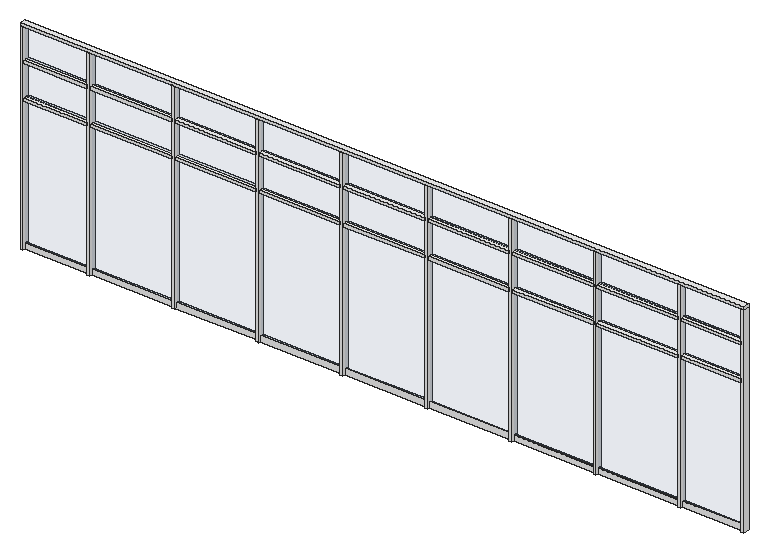
Revit family
Parameters
  프레임 투영 외부. = 25 mm
  프레임 투영 내부. = 25 mm
  프레임 폭 = 75 mm
  Height = 3600 mm
  Wall Closure = (empty or 0)
  Width = 12865 mm
  문 폭 = 1800 mm
  문 두께 = 100 mm
  문 패널 = SSD7 문 패널
  문 높이 = 2400 mm
  문 프레임 = SSD7 문 프레임
Reference planes
  plane 1: y = 0
  plane 2 "왼쪽": x = -7657.5
  plane 3 "오른쪽": x = 5207.5
  plane 4: z = 3600
  plane 5 "외부": y = 75
  plane 6 "내부": y = -75
  plane 7: x = -7607.5
  plane 8: y = 50
  plane 9: y = -50
  plane 10: z = 3550
  plane 11: z = 2375
  plane 12: z = 2425
  plane 13: z = 2275
  plane 14: z = 100
  plane 15: y = 6
  plane 16: y = -6
  plane 17: y = 16
  plane 18: y = -16
  plane 19: x = -1225
  plane 20: z = 600
  plane 21: z = 1200
  plane 22: z = 2400
  plane 23: z = 3000
  plane 24: z = 2975
  plane 25: z = 3025
  plane 26: x = -3442.5
  plane 27: x = -3442.5
  plane 28: x = -4917.5
  plane 29: x = -4942.5
  plane 30: x = -6442.5
  plane 31: x = -4967.5
  plane 32: x = -1942.5
  plane 33: x = -442.5
  plane 34: x = 1057.5
  plane 35: x = 2557.5
  plane 36: x = -3417.5
  plane 37: x = -3467.5
  plane 38: x = -3417.5
  plane 39: x = -1917.5
  plane 40: x = -1967.5
  plane 41: x = -467.5
  plane 42: x = -417.5
  plane 43: x = 1032.5
  plane 44: x = 1082.5
  plane 45: x = 2582.5
  plane 46: x = 2532.5
  plane 47: x = 5157.5
  plane 48: x = -6467.5
  plane 49: x = -6417.5
  plane 50: x = 4057.5
  plane 51: x = 4082.5
  plane 52: x = 4032.5
Forms (mm)
  Extrusion 1, solid, material "SSD7 문 프레임" <- "문 프레임"
    sketch origin (-2581.693, 300, 3000) x (0, 1, 0) y (1, 0, 0)
      loop
        line (-250, -5075.807) -> (-250, -5025.807) -> (-350, -5025.807) -> (-350, -5075.807) -> (-250, -5075.807)
      loop
        line (-250, -3885.807) -> (-250, -3835.807) -> (-350, -3835.807) -> (-350, -3885.807) -> (-250, -3885.807)
      loop
        line (-250, -2385.807) -> (-250, -2335.807) -> (-350, -2335.807) -> (-350, -2385.807) -> (-250, -2385.807)
      loop
        line (-250, -885.807) -> (-250, -835.807) -> (-350, -835.807) -> (-350, -885.807) -> (-250, -885.807)
      loop
        line (-250, 614.193) -> (-250, 664.193) -> (-350, 664.193) -> (-350, 614.193) -> (-250, 614.193)
      loop
        line (-250, 2114.193) -> (-250, 2164.193) -> (-350, 2164.193) -> (-350, 2114.193) -> (-250, 2114.193)
      loop
        line (-250, 3614.193) -> (-250, 3664.193) -> (-350, 3664.193) -> (-350, 3614.193) -> (-250, 3614.193)
      loop
        line (-250, 5114.193) -> (-250, 5164.193) -> (-350, 5164.193) -> (-350, 5114.193) -> (-250, 5114.193)
      loop
        line (-250, 7739.193) -> (-250, 7789.193) -> (-350, 7789.193) -> (-350, 7739.193) -> (-250, 7739.193)
      loop
        line (-250, 6614.193) -> (-250, 6664.193) -> (-350, 6664.193) -> (-350, 6614.193) -> (-250, 6614.193)
    from -550 to 3000
  Extrusion 2, solid, material "SSD7 문 프레임" <- "문 프레임"
    sketch origin (-2581.693, 300, 3000) x (0, 1, 0) y (1, 0, 0)
      loop
        line (-250, -5075.807) -> (-250, 7789.193) -> (-350, 7789.193) -> (-350, -5075.807) -> (-250, -5075.807)
    from -600 to -550
  Extrusion 3, solid, material "SSD7 문 프레임" <- "문 프레임"
    sketch origin (3388.377, 300, 100) x (1, 0, 0) y (0, 1, 0)
      loop
        line (-10995.877, -284) -> (-10995.877, -294) -> (-9855.877, -294) -> (-9855.877, -284) -> (-10995.877, -284)
      loop
        line (-10995.877, -316) -> (-9855.877, -316) -> (-9855.877, -306) -> (-10995.877, -306) -> (-10995.877, -316)
    from -100 to 0
  Extrusion 4, solid, material "SSD7 문 프레임" <- "문 프레임"
    sketch origin (3388.377, 300, 100) x (1, 0, 0) y (0, 1, 0)
      loop
        line (-8305.877, -294) -> (-6855.877, -294) -> (-6855.877, -284) -> (-8305.877, -284) -> (-8305.877, -294)
      loop
        line (-8305.877, -316) -> (-6855.877, -316) -> (-6855.877, -306) -> (-8305.877, -306) -> (-8305.877, -316)
    from -100 to 0
  Extrusion 5, solid, material "SSD7 문 프레임" <- "문 프레임"
    sketch origin (3388.377, 300, 100) x (1, 0, 0) y (0, 1, 0)
      loop
        line (-6805.877, -284) -> (-6805.877, -294) -> (-5355.877, -294) -> (-5355.877, -284) -> (-6805.877, -284)
      loop
        line (-6805.877, -316) -> (-5355.877, -316) -> (-5355.877, -306) -> (-6805.877, -306) -> (-6805.877, -316)
    from -100 to 0
  Extrusion 6, solid, material "SSD7 문 프레임" <- "문 프레임"
    sketch origin (3388.377, 300, 100) x (1, 0, 0) y (0, 1, 0)
      loop
        line (-5305.877, -294) -> (-3855.877, -294) -> (-3855.877, -284) -> (-5305.877, -284) -> (-5305.877, -294)
      loop
        line (-5305.877, -316) -> (-3855.877, -316) -> (-3855.877, -306) -> (-5305.877, -306) -> (-5305.877, -316)
    from -100 to 0
  Extrusion 7, solid, material "SSD7 문 프레임" <- "문 프레임"
    sketch origin (3388.377, 300, 100) x (1, 0, 0) y (0, 1, 0)
      loop
        line (-3805.877, -294) -> (-2355.877, -294) -> (-2355.877, -284) -> (-3805.877, -284) -> (-3805.877, -294)
      loop
        line (-3805.877, -316) -> (-2355.877, -316) -> (-2355.877, -306) -> (-3805.877, -306) -> (-3805.877, -316)
    from -100 to 0
  Extrusion 8, solid, material "SSD7 문 프레임" <- "문 프레임"
    sketch origin (3388.377, 300, 100) x (1, 0, 0) y (0, 1, 0)
      loop
        line (-2305.877, -294) -> (-855.877, -294) -> (-855.877, -284) -> (-2305.877, -284) -> (-2305.877, -294)
      loop
        line (-2305.877, -316) -> (-855.877, -316) -> (-855.877, -306) -> (-2305.877, -306) -> (-2305.877, -316)
    from -100 to 0
  Extrusion 9, solid, material "SSD7 문 프레임" <- "문 프레임"
    sketch origin (3388.377, 300, 100) x (1, 0, 0) y (0, 1, 0)
      loop
        line (-805.877, -294) -> (644.123, -294) -> (644.123, -284) -> (-805.877, -284) -> (-805.877, -294)
      loop
        line (-805.877, -306) -> (-805.877, -316) -> (644.123, -316) -> (644.123, -306) -> (-805.877, -306)
    from -100 to 0
  Extrusion 10, solid, material "SSD7 문 패널" <- "문 패널"
    sketch origin (3388.377, 300, 100) x (1, 0, 0) y (0, 1, 0)
      loop
        line (-10995.877, -294) -> (-10995.877, -306) -> (-9855.877, -306) -> (-9855.877, -294) -> (-10995.877, -294)
      loop
        line (-6805.877, -306) -> (-5355.877, -306) -> (-5355.877, -294) -> (-6805.877, -294) -> (-6805.877, -306)
      loop
        line (-5305.877, -306) -> (-3855.877, -306) -> (-3855.877, -294) -> (-5305.877, -294) -> (-5305.877, -306)
      loop
        line (-3805.877, -306) -> (-2355.877, -306) -> (-2355.877, -294) -> (-3805.877, -294) -> (-3805.877, -306)
      loop
        line (-2305.877, -306) -> (-855.877, -306) -> (-855.877, -294) -> (-2305.877, -294) -> (-2305.877, -306)
      loop
        line (-805.877, -306) -> (644.123, -306) -> (644.123, -294) -> (-805.877, -294) -> (-805.877, -306)
      loop
        line (694.123, -294) -> (694.123, -306) -> (1769.123, -306) -> (1769.123, -294) -> (694.123, -294)
      loop
        line (-8305.877, -306) -> (-6855.877, -306) -> (-6855.877, -294) -> (-8305.877, -294) -> (-8305.877, -306)
    from -100 to 2275
  Extrusion 11, solid, material "SSD7 문 프레임" <- "문 프레임"
    sketch origin (-2581.693, 300, 2275) x (0, 1, 0) y (1, 0, 0)
      loop
        line (-294, -3835.807) -> (-284, -3835.807) -> (-284, -2385.807) -> (-294, -2385.807) -> (-294, -3835.807)
      loop
        line (-306, -3835.807) -> (-306, -2385.807) -> (-316, -2385.807) -> (-316, -3835.807) -> (-306, -3835.807)
    from 2275 to 2175
  Extrusion 12, solid, material "SSD7 문 프레임" <- "문 프레임"
    sketch origin (-2581.693, 300, 2425) x (0, 1, 0) y (1, 0, 0)
      loop
        line (-250, -5025.807) -> (-250, -3885.807) -> (-350, -3885.807) -> (-350, -5025.807) -> (-250, -5025.807)
      loop
        line (-350, -3835.807) -> (-250, -3835.807) -> (-250, -2385.807) -> (-350, -2385.807) -> (-350, -3835.807)
      loop
        line (-350, -2335.807) -> (-250, -2335.807) -> (-250, -885.807) -> (-350, -885.807) -> (-350, -2335.807)
      loop
        line (-350, -835.807) -> (-250, -835.807) -> (-250, 614.193) -> (-350, 614.193) -> (-350, -835.807)
      loop
        line (-350, 664.193) -> (-250, 664.193) -> (-250, 2114.193) -> (-350, 2114.193) -> (-350, 664.193)
      loop
        line (-350, 2164.193) -> (-250, 2164.193) -> (-250, 3614.193) -> (-350, 3614.193) -> (-350, 2164.193)
      loop
        line (-350, 3664.193) -> (-250, 3664.193) -> (-250, 5114.193) -> (-350, 5114.193) -> (-350, 3664.193)
      loop
        line (-350, 5164.193) -> (-250, 5164.193) -> (-250, 6614.193) -> (-350, 6614.193) -> (-350, 5164.193)
      loop
        line (-250, 7739.193) -> (-350, 7739.193) -> (-350, 6664.193) -> (-250, 6664.193) -> (-250, 7739.193)
    from 0 to 50
  Extrusion 13, solid, material "SSD7 문 패널" <- "문 패널"
    sketch origin (-2581.693, 300, 2975) x (0, 1, 0) y (1, 0, 0)
      loop
        line (-306, -5025.807) -> (-294, -5025.807) -> (-294, -3885.807) -> (-306, -3885.807) -> (-306, -5025.807)
      loop
        line (-306, -3835.807) -> (-294, -3835.807) -> (-294, -2385.807) -> (-306, -2385.807) -> (-306, -3835.807)
      loop
        line (-306, -2335.807) -> (-294, -2335.807) -> (-294, -885.807) -> (-306, -885.807) -> (-306, -2335.807)
      loop
        line (-306, -835.807) -> (-294, -835.807) -> (-294, 614.193) -> (-306, 614.193) -> (-306, -835.807)
      loop
        line (-306, 664.193) -> (-294, 664.193) -> (-294, 2114.193) -> (-306, 2114.193) -> (-306, 664.193)
      loop
        line (-306, 2164.193) -> (-294, 2164.193) -> (-294, 3614.193) -> (-306, 3614.193) -> (-306, 2164.193)
      loop
        line (-306, 3664.193) -> (-294, 3664.193) -> (-294, 5114.193) -> (-306, 5114.193) -> (-306, 3664.193)
      loop
        line (-306, 5164.193) -> (-294, 5164.193) -> (-294, 6614.193) -> (-306, 6614.193) -> (-306, 5164.193)
    from 0 to 550
  Extrusion 14, solid, material "SSD7 문 프레임" <- "문 프레임"
    sketch origin (-2581.693, 300, 3025) x (0, 1, 0) y (1, 0, 0)
      loop
        line (-350, -5025.807) -> (-250, -5025.807) -> (-250, -3885.807) -> (-350, -3885.807) -> (-350, -5025.807)
      loop
        line (-350, -3835.807) -> (-250, -3835.807) -> (-250, -2385.807) -> (-350, -2385.807) -> (-350, -3835.807)
      loop
        line (-350, -2335.807) -> (-250, -2335.807) -> (-250, -885.807) -> (-350, -885.807) -> (-350, -2335.807)
      loop
        line (-350, -835.807) -> (-250, -835.807) -> (-250, 614.193) -> (-350, 614.193) -> (-350, -835.807)
      loop
        line (-350, 664.193) -> (-250, 664.193) -> (-250, 2114.193) -> (-350, 2114.193) -> (-350, 664.193)
      loop
        line (-350, 2164.193) -> (-250, 2164.193) -> (-250, 3614.193) -> (-350, 3614.193) -> (-350, 2164.193)
      loop
        line (-350, 3664.193) -> (-250, 3664.193) -> (-250, 5114.193) -> (-350, 5114.193) -> (-350, 3664.193)
      loop
        line (-350, 5164.193) -> (-250, 5164.193) -> (-250, 6614.193) -> (-350, 6614.193) -> (-350, 5164.193)
      loop
        line (-250, 7739.193) -> (-350, 7739.193) -> (-350, 6664.193) -> (-250, 6664.193) -> (-250, 7739.193)
    from 0 to 50
  Extrusion 15, solid, material "SSD7 문 패널" <- "문 패널"
    sketch origin (-2581.693, 300, 3550) x (0, 1, 0) y (1, 0, 0)
      loop
        line (-306, -5025.807) -> (-294, -5025.807) -> (-294, -3885.807) -> (-306, -3885.807) -> (-306, -5025.807)
      loop
        line (-306, -835.807) -> (-294, -835.807) -> (-294, 614.193) -> (-306, 614.193) -> (-306, -835.807)
      loop
        line (-306, 664.193) -> (-294, 664.193) -> (-294, 2114.193) -> (-306, 2114.193) -> (-306, 664.193)
      loop
        line (-306, 2164.193) -> (-294, 2164.193) -> (-294, 3614.193) -> (-306, 3614.193) -> (-306, 2164.193)
      loop
        line (-306, 3664.193) -> (-294, 3664.193) -> (-294, 5114.193) -> (-306, 5114.193) -> (-306, 3664.193)
      loop
        line (-306, 5164.193) -> (-294, 5164.193) -> (-294, 6614.193) -> (-306, 6614.193) -> (-306, 5164.193)
      loop
        line (-306, -3835.807) -> (-294, -3835.807) -> (-294, -2385.807) -> (-306, -2385.807) -> (-306, -3835.807)
      loop
        line (-306, -2335.807) -> (-294, -2335.807) -> (-294, -885.807) -> (-306, -885.807) -> (-306, -2335.807)
    from 0 to 525
  Extrusion 16, solid, material "SSD7 문 프레임" <- "문 프레임"
    sketch origin (-2581.693, 300, 3550) x (0, 1, 0) y (1, 0, 0)
      loop
        line (-294, 7739.193) -> (-294, 6664.193) -> (-284, 6664.193) -> (-284, 7739.193) -> (-294, 7739.193)
      loop
        line (-306, 7739.193) -> (-316, 7739.193) -> (-316, 6664.193) -> (-306, 6664.193) -> (-306, 7739.193)
    from 3450 to 3550
  Extrusion 17, solid, material "SSD7 문 패널" <- "문 패널"
    sketch origin (-2581.693, 300, 3550) x (0, 1, 0) y (1, 0, 0)
      loop
        line (-294, 6664.193) -> (-294, 7739.193) -> (-306, 7739.193) -> (-306, 6664.193) -> (-294, 6664.193)
    from 575 to 1125
  Extrusion 18, solid, material "SSD7 문 패널" <- "문 패널"
    sketch origin (-2581.693, 300, 3550) x (0, 1, 0) y (1, 0, 0)
      loop
        line (-294, 6664.193) -> (-294, 7739.193) -> (-306, 7739.193) -> (-306, 6664.193) -> (-294, 6664.193)
    from 0 to 525
  Extrusion 19, solid, material "SSD7 문 패널" <- "문 패널"
    sketch origin (-2581.693, 300, 3550) x (0, 1, 0) y (1, 0, 0)
      loop
        line (-306, -3835.807) -> (-294, -3835.807) -> (-294, -2385.807) -> (-306, -2385.807) -> (-306, -3835.807)
    from 1175 to 3550
Lines and regions (mm)
  Opening 1
    outline origin (-3050, -75, 0) x (1, 0, 0) y (0, 0, 1)
      loop
        line (-4607.5, 0) -> (8257.5, 0) -> (8257.5, 3600) -> (-4607.5, 3600) -> (-4607.5, 0)
Text (mm)
  text "외부" at (-2295.016, 1099.543, 0), in view "참조 레벨"
  text "외부" at (0, 1615.38, 3698.081), in view "왼쪽"
  text "외부" at (0, 1036.032, 3874.932), in view "오른쪽"
Dimensions and locks
  plane 2 "왼쪽" to plane 3 "오른쪽" = 12865 mm
  "Width": plane 2 "왼쪽" to plane 3 "오른쪽"
  "Height": plane 4 to host wall
  "문 높이": host wall to plane 22
  host wall to plane 4 = 3600 mm
  locked: plane 5 "외부" to host wall at 0
  locked: plane 6 "내부" to host wall
  locked: plane 2 "왼쪽" to plane 7 at 50
  "문 두께": plane 8 to plane 9
  locked: plane 10 to plane 4 at 50
  locked: plane 11 to plane 12 at 50
  locked: plane 13 to plane 11 at 100
  locked: level to plane 14 at 100
  plane 15 to host wall to plane 16 = 6 mm locked, 6 mm locked
  locked: plane 16 to plane 18 at 10
  locked: plane 17 to plane 15 at 10
  locked: level to plane 21 at 1200
  locked: plane 11 to plane 22 at 25
  equal spacing: plane 22, plane 23, plane 4
  plane 24 to plane 23 to plane 25 = 25 mm locked, 25 mm locked
  equal spacing: plane 2 "왼쪽", plane 19, plane 3 "오른쪽"
  locked: plane 2 "왼쪽" to plane 30 at 1215
  plane 31 to plane 29 to plane 28 = 25 mm locked, 25 mm locked
  locked: plane 29 to plane 27 at 1500
  locked: plane 26 to plane 32 at 1500
  locked: plane 32 to plane 33 at 1500
  locked: plane 33 to plane 34 at 1500
  locked: plane 34 to plane 35 at 1500
  locked: plane 47 to plane 3 "오른쪽" at 50
  plane 46 to plane 35 to plane 45 = 25 mm locked, 25 mm locked
  plane 43 to plane 34 to plane 44 = 25 mm locked, 25 mm locked
  plane 41 to plane 33 to plane 42 = 25 mm locked, 25 mm locked
  plane 40 to plane 32 to plane 39 = 25 mm locked, 25 mm locked
  plane 48 to plane 30 to plane 49 = 25 mm locked, 25 mm locked
  plane 52 to plane 50 to plane 51 = 25 mm locked, 25 mm locked
  locked: plane 35 to plane 50 at 1500
  locked: plane 30 to plane 29 at 1500
  locked: plane 50 to plane 3 "오른쪽" at 1150
  plane 37 to plane 27 to plane 38 = 25 mm locked, 25 mm locked
  equal spacing: plane 8, plane 1, plane 9
  aligned and locked: plane 2 "왼쪽" to Opening 1 sketch curve
  aligned and locked: plane 4 to Opening 1 sketch curve  (x2)
  aligned and locked: Opening 1 sketch curve to plane 3 "오른쪽"
  aligned and locked: Opening 1 sketch curve to level
  aligned and locked: host wall to plane 1
  aligned and locked: plane 2 "왼쪽" to Extrusion 1 sketch curve
  aligned and locked: plane 8 to Extrusion 1 sketch curve  (x10)
  aligned and locked: plane 9 to Extrusion 1 sketch curve  (x9)
  aligned and locked: Extrusion 1 sketch curve to plane 7
  aligned and locked: plane 48 to Extrusion 1 sketch curve
  aligned and locked: Extrusion 1 sketch curve to plane 49
  aligned and locked: plane 31 to Extrusion 1 sketch curve
  aligned and locked: Extrusion 1 sketch curve to plane 28
  aligned and locked: plane 37 to Extrusion 1 sketch curve
  aligned and locked: plane 38 to Extrusion 1 sketch curve
  aligned and locked: plane 40 to Extrusion 1 sketch curve
  aligned and locked: Extrusion 1 sketch curve to plane 39
  aligned and locked: plane 41 to Extrusion 1 sketch curve
  aligned and locked: Extrusion 1 sketch curve to plane 42
  aligned and locked: plane 43 to Extrusion 1 sketch curve
  aligned and locked: Extrusion 1 sketch curve to plane 44
  aligned and locked: plane 46 to Extrusion 1 sketch curve
  aligned and locked: Extrusion 1 sketch curve to plane 45
  aligned and locked: plane 47 to Extrusion 1 sketch curve
  aligned and locked: Extrusion 1 sketch curve to plane 3 "오른쪽"
  aligned and locked: Extrusion 1 to level
  aligned and locked: Extrusion 1 to plane 10
  aligned and locked: Extrusion 1 to Extrusion 2 sketch curve
  aligned and locked: Extrusion 2 sketch curve to Extrusion 1  (x3)
  aligned and locked: Extrusion 2 to host wall
  aligned and locked: plane 10 to Extrusion 2
  aligned and locked: plane 7 to Extrusion 3 sketch curve
  aligned and locked: Extrusion 3 sketch curve to plane 17
  aligned and locked: plane 15 to Extrusion 3 sketch curve
  aligned and locked: plane 48 to Extrusion 3 sketch curve
  aligned and locked: Extrusion 3 sketch curve to plane 18
  aligned and locked: plane 16 to Extrusion 3 sketch curve
  aligned and locked: Extrusion 3 sketch curve to plane 48
  aligned and locked: plane 28 to Extrusion 4 sketch curve  (x2)
  aligned and locked: Extrusion 4 sketch curve to plane 15
  aligned and locked: plane 17 to Extrusion 4 sketch curve
  aligned and locked: Extrusion 4 sketch curve to plane 18
  aligned and locked: plane 16 to Extrusion 4 sketch curve
  aligned and locked: plane 36 to Extrusion 5 sketch curve  (x2)
  aligned and locked: Extrusion 5 sketch curve to plane 17
  aligned and locked: plane 15 to Extrusion 5 sketch curve
  aligned and locked: plane 40 to Extrusion 5 sketch curve
  aligned and locked: plane 16 to Extrusion 5 sketch curve
  aligned and locked: Extrusion 5 sketch curve to plane 40
  aligned and locked: plane 39 to Extrusion 6 sketch curve  (x2)
  aligned and locked: Extrusion 6 sketch curve to plane 15
  aligned and locked: plane 17 to Extrusion 6 sketch curve
  aligned and locked: Extrusion 6 sketch curve to plane 41  (x2)
  aligned and locked: Extrusion 6 sketch curve to plane 18
  aligned and locked: plane 16 to Extrusion 6 sketch curve
  aligned and locked: plane 42 to Extrusion 7 sketch curve  (x2)
  aligned and locked: Extrusion 7 sketch curve to plane 15
  aligned and locked: plane 17 to Extrusion 7 sketch curve
  aligned and locked: Extrusion 7 sketch curve to plane 43  (x2)
  aligned and locked: Extrusion 7 sketch curve to plane 18
  aligned and locked: plane 16 to Extrusion 7 sketch curve
  aligned and locked: plane 44 to Extrusion 8 sketch curve  (x2)
  aligned and locked: Extrusion 8 sketch curve to plane 15
  aligned and locked: plane 17 to Extrusion 8 sketch curve
  aligned and locked: Extrusion 8 sketch curve to plane 46  (x2)
  aligned and locked: Extrusion 8 sketch curve to plane 18
  aligned and locked: plane 16 to Extrusion 8 sketch curve
  aligned and locked: plane 45 to Extrusion 9 sketch curve
  aligned and locked: Extrusion 9 sketch curve to plane 15
  aligned and locked: plane 17 to Extrusion 9 sketch curve
  aligned and locked: Extrusion 1 to Extrusion 9
  aligned and locked: plane 14 to Extrusion 9
  aligned and locked: Extrusion 8 to level
  aligned and locked: plane 14 to Extrusion 8
  aligned and locked: Extrusion 7 to level
  aligned and locked: plane 14 to Extrusion 7
  aligned and locked: Extrusion 6 to level
  aligned and locked: plane 14 to Extrusion 6
  aligned and locked: Extrusion 5 to level
  aligned and locked: plane 14 to Extrusion 5
  aligned and locked: Extrusion 4 to level
  aligned and locked: plane 14 to Extrusion 4
  aligned and locked: Extrusion 3 to level
  aligned and locked: plane 14 to Extrusion 3
  aligned and locked: Extrusion 3 to Extrusion 10 sketch curve
  aligned and locked: Extrusion 10 sketch curve to Extrusion 3  (x3)
  aligned and locked: Extrusion 5 to Extrusion 10 sketch curve
  aligned and locked: Extrusion 10 sketch curve to Extrusion 5
  aligned and locked: plane 36 to Extrusion 10 sketch curve
  aligned and locked: Extrusion 10 sketch curve to plane 16
  aligned and locked: Extrusion 10 sketch curve to Extrusion 6  (x3)
  aligned and locked: Extrusion 6 to Extrusion 10 sketch curve
  aligned and locked: Extrusion 10 sketch curve to Extrusion 7  (x3)
  aligned and locked: Extrusion 7 to Extrusion 10 sketch curve
  aligned and locked: Extrusion 10 sketch curve to Extrusion 8  (x3)
  aligned and locked: Extrusion 8 to Extrusion 10 sketch curve
  aligned and locked: Extrusion 9 to Extrusion 10 sketch curve
  aligned and locked: Extrusion 10 to level
  aligned and locked: Extrusion 10 to plane 11
  aligned and locked: Extrusion 12 sketch curve to Extrusion 1  (x23)
  aligned and locked: Extrusion 1 to Extrusion 12 sketch curve  (x8)
  aligned and locked: plane 9 to Extrusion 12 sketch curve
  aligned and locked: plane 11 to Extrusion 12
  aligned and locked: Extrusion 13 sketch curve to Extrusion 10  (x11)
  aligned and locked: Extrusion 13 sketch curve to Extrusion 3
  aligned and locked: Extrusion 3 to Extrusion 13 sketch curve
  aligned and locked: plane 28 to Extrusion 13 sketch curve
  aligned and locked: plane 37 to Extrusion 13 sketch curve
  aligned and locked: Extrusion 5 to Extrusion 13 sketch curve
  aligned and locked: plane 36 to Extrusion 13 sketch curve
  aligned and locked: Extrusion 13 sketch curve to Extrusion 6
  aligned and locked: Extrusion 6 to Extrusion 13 sketch curve
  aligned and locked: Extrusion 13 sketch curve to Extrusion 7
  aligned and locked: Extrusion 7 to Extrusion 13 sketch curve
  aligned and locked: Extrusion 13 sketch curve to Extrusion 8
  aligned and locked: Extrusion 8 to Extrusion 13 sketch curve
  aligned and locked: Extrusion 13 sketch curve to Extrusion 9
  aligned and locked: plane 12 to Extrusion 13
  aligned and locked: Extrusion 1 to Extrusion 14 sketch curve  (x7)
  aligned and locked: Extrusion 14 sketch curve to Extrusion 1  (x23)
  aligned and locked: plane 24 to Extrusion 14
  aligned and locked: Extrusion 15 sketch curve to Extrusion 10  (x10)
  aligned and locked: Extrusion 15 sketch curve to Extrusion 3
  aligned and locked: Extrusion 3 to Extrusion 15 sketch curve
  aligned and locked: Extrusion 5 to Extrusion 15 sketch curve
  aligned and locked: Extrusion 15 sketch curve to Extrusion 6
  aligned and locked: Extrusion 6 to Extrusion 15 sketch curve
  aligned and locked: Extrusion 7 to Extrusion 15 sketch curve
  aligned and locked: plane 42 to Extrusion 15 sketch curve
  aligned and locked: Extrusion 15 sketch curve to Extrusion 8
  aligned and locked: Extrusion 8 to Extrusion 15 sketch curve
  aligned and locked: Extrusion 15 sketch curve to Extrusion 9
  aligned and locked: plane 25 to Extrusion 15
  aligned and locked: plane 52 to Extrusion 1 sketch curve
  aligned and locked: Extrusion 1 sketch curve to plane 51
  aligned and locked: Extrusion 10 sketch curve to plane 52
  aligned and locked: plane 51 to Extrusion 10 sketch curve
  aligned and locked: Extrusion 10 sketch curve to plane 15
  aligned and locked: Extrusion 9 sketch curve to plane 52
  aligned and locked: plane 52 to Extrusion 9 sketch curve
  aligned and locked: Extrusion 1 to Extrusion 9 sketch curve
  aligned and locked: Extrusion 9 sketch curve to plane 16
  aligned and locked: plane 18 to Extrusion 9 sketch curve
  aligned and locked: Extrusion 16 sketch curve to Extrusion 10  (x3)
  aligned and locked: plane 17 to Extrusion 16 sketch curve
  aligned and locked: plane 51 to Extrusion 16 sketch curve
  aligned and locked: Extrusion 10 to Extrusion 16 sketch curve
  aligned and locked: plane 18 to Extrusion 16 sketch curve
  aligned and locked: Extrusion 16 sketch curve to plane 51
  aligned and locked: Extrusion 16 to level
  aligned and locked: plane 14 to Extrusion 16
  aligned and locked: Extrusion 10 to Extrusion 17 sketch curve
  aligned and locked: Extrusion 17 sketch curve to Extrusion 10  (x3)
  aligned and locked: plane 12 to Extrusion 17
  aligned and locked: Extrusion 17 to plane 24
  aligned and locked: Extrusion 12 sketch curve to Extrusion 12 sketch curve  (x2)
  aligned and locked: Extrusion 10 to Extrusion 18 sketch curve
  aligned and locked: Extrusion 18 sketch curve to Extrusion 10  (x3)
  aligned and locked: plane 25 to Extrusion 18
  aligned and locked: Extrusion 13 sketch curve to Extrusion 1
  aligned and locked: Extrusion 15 sketch curve to Extrusion 4
  aligned and locked: plane 15 to Extrusion 15 sketch curve
  aligned and locked: Extrusion 15 sketch curve to plane 37
  aligned and locked: plane 37 to Extrusion 4 sketch curve  (x2)
  aligned and locked: Extrusion 10 sketch curve to Extrusion 4  (x3)
  aligned and locked: Extrusion 4 to Extrusion 10 sketch curve
  aligned and locked: plane 36 to plane 38
  aligned and locked: plane 49 to Extrusion 11 sketch curve  (x2)
  aligned and locked: plane 15 to Extrusion 11 sketch curve
  aligned and locked: plane 17 to Extrusion 11 sketch curve
  aligned and locked: Extrusion 11 sketch curve to plane 31
  aligned and locked: plane 16 to Extrusion 11 sketch curve
  aligned and locked: plane 18 to Extrusion 11 sketch curve
  aligned and locked: plane 31 to Extrusion 11 sketch curve
  aligned and locked: Extrusion 11 to level
  aligned and locked: plane 14 to Extrusion 11
  aligned and locked: Extrusion 19 sketch curve to Extrusion 11  (x3)
  aligned and locked: Extrusion 11 to Extrusion 19 sketch curve
  aligned and locked: Extrusion 19 to level
  aligned and locked: Extrusion 19 to plane 11
Automatic sketch dimensions
  Extrusion 3 sketch curve to plane 7 = 0 mm
  Extrusion 5 sketch curve to plane 18 = 0 mm
  Extrusion 1 sketch curve to plane 9 = 0 mm
  Extrusion 1 sketch curve to plane 8 = 0 mm  (x2)
  Extrusion 12 sketch curve to plane 8 = 0 mm
  Extrusion 12 sketch curve to plane 9 = 0 mm  (x2)
  Extrusion 14 sketch curve to plane 52 = 0 mm
  Extrusion 14 sketch curve to plane 9 = 0 mm  (x2)
  Extrusion 14 sketch curve to plane 8 = 0 mm
  Extrusion 14 sketch curve to plane 51 = 0 mm
  Extrusion 13 sketch curve to plane 16 = 0 mm  (x3)
  Extrusion 13 sketch curve to plane 15 = 0 mm  (x2)
  Extrusion 13 sketch curve to plane 52 = 0 mm
  Extrusion 13 sketch curve to plane 49 = 0 mm
  Extrusion 15 sketch curve to plane 16 = 0 mm  (x4)
  Extrusion 15 sketch curve to plane 52 = 0 mm
  Extrusion 10 sketch curve to plane 45 = 0 mm
  Extrusion 10 sketch curve to plane 47 = 0 mm
  Extrusion 10 sketch curve to plane 16 = 0 mm  (x2)
  Extrusion 15 sketch curve to plane 28 = 0 mm
  Extrusion 15 sketch curve to plane 31 = 0 mm
  Extrusion 15 sketch curve to plane 49 = 0 mm
  Extrusion 15 sketch curve to plane 15 = 0 mm
  Extrusion 12 sketch curve to plane 36 = 0 mm
  Extrusion 14 sketch curve to plane 36 = 0 mm
